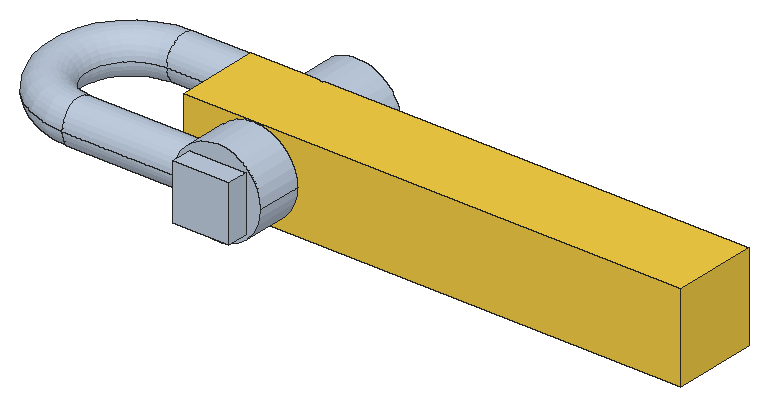
Revit family "LIFTING HOOK MK_1991360", category Generic Models, Revit 2018
Family settings
  Can host rebar = No
  Round Connector Dimension = Use Diameter
  Part Type = Normal
  OmniClass Number = 35.51.14.00
  OmniClass Title = FORMWORK
  Work Plane-Based = Yes
  Always vertical = No
  Cut with Voids When Loaded = No
  Shared = Yes
  Room Calculation Point = No
Parameters
  VERSION = "20170217"  # constant formula
  URL = "www.ulmaconstruction.com/en"
  UNICLASS = ""
  Manufacturer = "ULMA CONSTRUCTION"  # constant formula
  ITEM_WEIGHT = 6.90 kg
  ITEM_CODE = "1991360"
  FILTER [instance] = ""
  Default Elevation = 0.000 mm
  CLASSIFICATION_TITLE = ""
  CLASSIFICATION_NUMBER = ""
Reference planes
  plane 1 "Centro (Frontal/Posterior)": y = 0
  plane 2: z = 0
  plane 3 "Centro (Izquierda/Derecha)": x = 0
  plane 4: z = 26
  plane 5: x = 125
Forms (mm)
  Extrusion 1, solid, material "ULMA YELLOW"
    sketch origin (0, 5, 5) x (0, 1, 0) y (0, 0, 1)
      loop
        line (-29, -4) -> (19, -4) -> (19, 46) -> (-29, 46) -> (-29, -4)
    from 165 to -120
  Extrusion 2, solid, material "ULMA STEEL"
    sketch origin (0, 0, 0) x (1, 0, 0) y (0, 0, 1)
      loop
        circle (-80, 26) r 25
    from 24 to 50
  Extrusion 3, solid, material "ULMA STEEL"
    sketch origin (0, 0, 0) x (1, 0, 0) y (0, 0, 1)
      loop
        circle (-80, 26) r 25
    from -50 to -24
  Extrusion 4, solid, material "ULMA STEEL", detail levels fine
    sketch origin (0, 0, 0) x (1, 0, 0) y (0, 0, 1)
      loop
        line (-64, 42) -> (-96, 42) -> (-96, 10) -> (-64, 10) -> (-64, 42)
    from 50 to 62
  Sweep 5, solid, material "ULMA STEEL"
    path in 3D
      loop
        line (-80, -37.5, 26) -> (-169, -37.5, 26)
        arc (-169, -37.5, 26) -> (-206.5, 0, 26) -> (-169, 37.5, 26) r 37.5
        line (-169, 37.5, 26) -> (-80, 37.5, 26)
    profile origin (-124.5, -37.5, 26) x (0, -1, 0) y (0, 0, 1)
      loop
        circle (0, 0) r 12.5
Cuts and joins
  joined: Extrusion 3, Sweep 5
Lines and regions (mm)
  model lines, style "ULMA HOOK", detail levels fine
    curve 1: circle (0, 0, 1) r 10.5 normal (0, 0, 1)
    curve 2: circle (125, 0, 1) r 10.5 normal (0, 0, 1)
    curve 3: circle (0, 0, 51) r 10.5 normal (0, 0, 1)
    curve 4: circle (125, 0, 51) r 10.5 normal (0, 0, 1)
  reference lines
    curve 5: line (-80, -37.5, 26) -> (-169, -37.5, 26)
    curve 6: line (-80, 37.5, 26) -> (-169, 37.5, 26)
    curve 7: arc (-169, 37.5, 26) -> (-206.5, 0, 26) -> (-169, -37.5, 26) r 37.5
  sketch lines
    curve 8: line (-80, -37.5, 26) -> (-169, -37.5, 26)
    curve 9: arc (-169, 37.5, 26) -> (-206.5, 0, 26) -> (-169, -37.5, 26) r 37.5
    curve 10: line (-80, 37.5, 26) -> (-169, 37.5, 26)
Dimensions and locks
  locked: plane 4 to plane 2 at 26
  aligned and locked: level to plane 2
